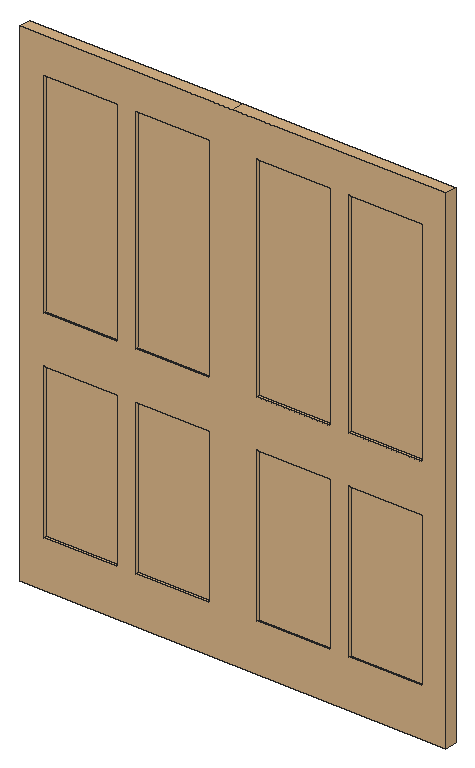
Revit family "0016_M_DR_W_double-panel 2_no trim", category 문, Revit 2026
Family settings
  호스트 = 벽
  항상 수직 = 예
  로드될 때 보이드를 사용하여 절단 = 아니오
  공유 = 아니오
  룸 계산 점 = 아니오
Parameters (values of type "72" x 84"")
  두께 = 0' - 2"
  조합 코드 = "C1020"
  기능 = 내부
  Door Material = Door - Panel
  Frame Material = Door - Frame
  Height = 7' - 0"
  벽 마무리 = 호스트별
  Width = 6' - 0"
Types (7): name | 두께 | 조합 코드 | Height | Width
  72" x 78" | 0' - 2" | "C1020" | 6' - 6" | 6' - 0"
  72" x 82" | 0' - 2" | "C1020" | 6' - 10" | 6' - 0"
  72" x 84" | 0' - 2" | "C1020" | 7' - 0" | 6' - 0"
  68" x 80" | 0' - 2" | "C1020" | 6' - 8" | 5' - 8"
  64" x 84" | 0' - 2" | "C1020" | 7' - 0" | 5' - 4"
  60" x 82" | 0' - 2" | "C1020" | 6' - 10" | 5' - 0"
  1830 x 2134mm | 0' - 1 31/32" | 0' - 0" | 7' - 0 1/64" | 6' - 0 3/64"
Reference planes (in)
  plane 1: y = 0
  plane 2: z = 0
  plane 3 "Center": x = 0
  plane 4 "Left": x = -36
  plane 5 "Right": x = 36
  plane 6 "Top": z = 84
  plane 7: z = 78
  plane 8: z = 42
  plane 9: z = 34
  plane 10: z = 8
  plane 11: x = 32
  plane 12: x = 19.5
  plane 13: x = 16.5
  plane 14: x = 4
  plane 15: x = -4
  plane 16: x = -16.5
  plane 17: x = -19.5
  plane 18: x = -32
  plane 19: x = 18
  plane 20: x = -18
Forms (in)
  Extrusion 1, solid, material "Door - Panel" <- "Door Material"
    sketch origin (-90, 4, 0) x (-1, 0, 0) y (0, 0, 1)
      loop
        line (-126, 84) -> (-126, 0) -> (-90, 0) -> (-54, 0) -> (-54, 84) -> (-90, 84) -> (-126, 84)
      loop
        line (-122, 78) -> (-122, 42) -> (-109.5, 42) -> (-109.5, 78) -> (-122, 78)
      loop
        line (-106.5, 78) -> (-106.5, 42) -> (-94, 42) -> (-94, 78) -> (-106.5, 78)
      loop
        line (-122, 34) -> (-122, 8) -> (-109.5, 8) -> (-109.5, 34) -> (-122, 34)
      loop
        line (-106.5, 34) -> (-106.5, 8) -> (-94, 8) -> (-94, 34) -> (-106.5, 34)
      loop
        line (-86, 42) -> (-73.5, 42) -> (-73.5, 78) -> (-86, 78) -> (-86, 42)
      loop
        line (-70.5, 78) -> (-70.5, 42) -> (-58, 42) -> (-58, 78) -> (-70.5, 78)
      loop
        line (-86, 34) -> (-86, 8) -> (-73.5, 8) -> (-73.5, 34) -> (-86, 34)
      loop
        line (-70.5, 34) -> (-70.5, 8) -> (-58, 8) -> (-58, 34) -> (-70.5, 34)
    from -1 to -3
  Extrusion 2, solid, material "Door - Panel" <- "Door Material"
    sketch origin (-90, 3, 0) x (-1, 0, 0) y (0, 0, 1)
      loop
        line (-122, 78) -> (-122, 42) -> (-109.5, 42) -> (-109.5, 78) -> (-122, 78)
      loop
        line (-94, 42) -> (-94, 78) -> (-106.5, 78) -> (-106.5, 42) -> (-94, 42)
      loop
        line (-122, 8) -> (-109.5, 8) -> (-109.5, 34) -> (-122, 34) -> (-122, 8)
      loop
        line (-94, 34) -> (-106.5, 34) -> (-106.5, 8) -> (-94, 8) -> (-94, 34)
      loop
        line (-86, 42) -> (-73.5, 42) -> (-73.5, 78) -> (-86, 78) -> (-86, 42)
      loop
        line (-70.5, 42) -> (-58, 42) -> (-58, 78) -> (-70.5, 78) -> (-70.5, 42)
      loop
        line (-86, 34) -> (-86, 8) -> (-73.5, 8) -> (-73.5, 34) -> (-86, 34)
      loop
        line (-70.5, 34) -> (-70.5, 8) -> (-58, 8) -> (-58, 34) -> (-70.5, 34)
    from -0.5 to -1.5
Lines and regions (in)
  Opening 1
    outline origin (-90, -3, 0) x (1, 0, 0) y (0, 0, 1)
      loop
        line (54, 0) -> (126, 0) -> (126, 84) -> (54, 84) -> (54, 0)
  symbolic lines, style "Elevation Swing"
    curve 1: line (0, 3, 0) -> (-36, 3, 42)
    curve 2: line (-36, 3, 42) -> (0, 3, 84)
    curve 10: line (0, 3, 84) -> (36, 3, 42)
    curve 11: line (0, 3, 0) -> (36, 3, 42)
  symbolic lines, style "Plan Swing"
    curve 3: arc (-0.02918, 3, 0) -> (-10.57793, 28.46692, 0) -> (-36.04485, 39.01567, 0) r 36.01567
    curve 4: arc (-0.02918, 3, 0) -> (10.52335, 28.47801, 0) -> (36.00023, 39.03328, 0) r 36.03329
  symbolic lines, style "DoorsPanelProjection"
    curve 5: line (-36.04485, 3, 0) -> (-34, 3, 0)
    curve 6: line (-36.04485, 3, 0) -> (-36.04485, 39.01567, 0)
    curve 7: line (36.00023, 3, 0) -> (34, 3, 0)
    curve 8: line (36.00023, 3, 0) -> (36.00023, 39.03328, 0)
    curve 9: line (34, 3, 0) -> (34, 38.97751, 0)
    curve 14: line (33.99823, 38.97751, 0) -> (36.00002, 38.97751, 0)
    curve 15: line (-36.04485, 39.01567, 0) -> (-34, 39.01567, 0)
    curve 16: line (-34, 39.01567, 0) -> (-34, 3, 0)
  model lines, style "DoorsPanelProjection"
    curve 12: line (0, 3, 84) -> (0, 3, 0)
    curve 13: line (0, 1, 84) -> (0, 1, 0)
Text (in)
  text "Exterior" at (-58.67754, 27.31104, 0), in view "Floor Line"
  text "Interior" at (-58.34764, -25.14366, 0), in view "Floor Line"
  text "Exterior" at (0, 40.15149, 123.01588), in view "Right"
  text "Interior" at (0, -64.39139, 123.01588), in view "Right"
  text "Interior" at (0, -31.01599, 123.00693), in view "Left"
  text "Exterior" at (0, 54.57065, 123.00693), in view "Left"
Dimensions and locks (in)
  equal spacing: plane 4 "Left", plane 3 "Center", plane 5 "Right"
  "Height": plane 2 to plane 6 "Top"
  equal spacing: host wall, curve 2, plane 6 "Top"
  equal spacing: host wall, curve 11, plane 6 "Top"
  plane 11 to plane 5 "Right" = 0' - 4"
  plane 18 to plane 4 "Left" = 0' - 4"
  locked: plane 7 to plane 6 "Top" at 6
  plane 9 to plane 8 = 0' - 8"
  locked: host wall to plane 10 at 8
  plane 14 to plane 3 "Center" to plane 15 = 0' - 4" locked, 0' - 4" locked
  "두께": Extrusion 1 to host wall
  locked: Extrusion 1 to Extrusion 2 at 0.5
  locked: Extrusion 2 to Extrusion 1 at 0.5
  "두께": curve 9 to plane 5 "Right"
  "Width": plane 4 "Left" to plane 5 "Right"
  "두께": plane 4 "Left" to curve 16
  equal spacing: plane 11, plane 19, plane 14
  plane 12 to plane 19 to plane 13 = 0' - 1 1/2" locked, 0' - 1 1/2" locked
  equal spacing: plane 15, plane 20, plane 18
  plane 16 to plane 20 to plane 17 = 0' - 1 1/2" locked, 0' - 1 1/2" locked
  aligned and locked: plane 4 "Left" to Opening 1 sketch curve
  aligned and locked: plane 6 "Top" to Opening 1 sketch curve  (x2)
  aligned and locked: Opening 1 sketch curve to plane 5 "Right"
  aligned and locked: Opening 1 sketch curve to level
  aligned and locked: plane 6 "Top" to curve 2
  aligned and locked: level to curve 1
  aligned and locked: plane 11 to Extrusion 1 sketch curve  (x2)
  aligned and locked: plane 7 to Extrusion 1 sketch curve  (x4)
  aligned and locked: plane 8 to Extrusion 1 sketch curve  (x4)
  aligned and locked: plane 12 to Extrusion 1 sketch curve  (x2)
  aligned and locked: plane 13 to Extrusion 1 sketch curve  (x2)
  aligned and locked: plane 14 to Extrusion 1 sketch curve  (x2)
  aligned and locked: plane 9 to Extrusion 1 sketch curve  (x4)
  aligned and locked: plane 10 to Extrusion 1 sketch curve  (x4)
  aligned and locked: plane 15 to Extrusion 1 sketch curve  (x2)
  aligned and locked: Extrusion 1 sketch curve to plane 16
  aligned and locked: plane 17 to Extrusion 1 sketch curve  (x2)
  aligned and locked: plane 18 to Extrusion 1 sketch curve  (x2)
  aligned and locked: plane 16 to Extrusion 1 sketch curve
  aligned and locked: plane 11 to Extrusion 2 sketch curve
  aligned and locked: plane 7 to Extrusion 2 sketch curve  (x2)
  aligned and locked: Extrusion 2 sketch curve to Extrusion 1  (x23)
  aligned and locked: plane 14 to Extrusion 2 sketch curve
  aligned and locked: Extrusion 2 sketch curve to plane 8
  aligned and locked: Extrusion 1 to Extrusion 2 sketch curve
  aligned and locked: host wall to Extrusion 1
  aligned and locked: curve 7 to Extrusion 1
  aligned and locked: curve 13 to curve 12
  aligned and locked: plane 16 to Extrusion 2 sketch curve
  aligned and locked: plane 17 to Extrusion 2 sketch curve
  aligned and locked: curve 14 to curve 9
  aligned and locked: host wall to curve 3
  aligned and locked: curve 5 to host wall
  aligned and locked: curve 15 to curve 6
Automatic sketch dimensions
  Extrusion 1 sketch curve to level = 0' - 0"
  Extrusion 1 sketch curve to plane 4 "Left" = 0' - 0"
  Extrusion 1 sketch curve to plane 3 "Center" = 0' - 0"  (x2)
  Extrusion 1 sketch curve to plane 5 "Right" = 0' - 0"
  Extrusion 1 sketch curve to plane 6 "Top" = 0' - 0"
  Extrusion 2 sketch curve to plane 10 = 0' - 0"
  curve 14 to curve 9 = 0' - 0.00177"
  curve 3 to plane 3 "Center" = 0' - 0.02918"
  curve 4 to curve 3 = 0' - 0"
  curve 5 to curve 16 = 0' - 0"
  plane 4 "Left" to curve 6 = 0' - 0.04485"
  curve 15 to curve 3 = 0' - 0"
  curve 14 to plane 5 "Right" = 0' - 0"
  curve 8 to plane 5 "Right" = 0' - 0.00023"
  curve 7 to curve 4 = 0' - 0.00388"
  curve 16 to curve 5 = 0' - 0"
  curve 12 to plane 3 "Center" = 0' - 0"
  curve 12 to plane 6 "Top" = 0' - 0"
  curve 13 to plane 6 "Top" = 0' - 0"
  curve 13 to level = 0' - 0"
  curve 12 to level = 0' - 0"
  curve 1 to plane 4 "Left" = 0' - 0"
  curve 11 to plane 3 "Center" = 0' - 0"
  curve 2 to plane 3 "Center" = 0' - 0"
  curve 10 to plane 5 "Right" = 0' - 0"
